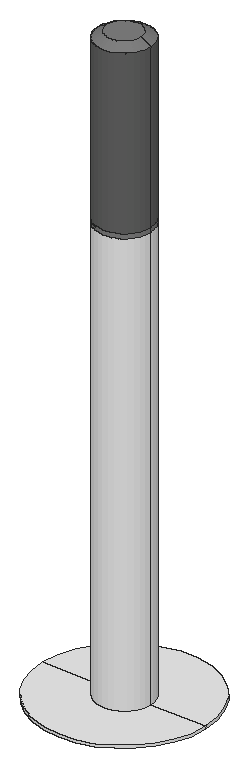
Revit family
Parameters (values of type "W95*D95*H1080")
  Manufacturer = ""
  Model = ""
  상단 부분 재료 = 회색, 짙음
  지지 재료 = 금속 - 크롬(2)
  중인방 재료 = 금속 - 크롬(2)
  프레임 재료 = 스테인레스 스틸, 광택(2) - (1)
Reference planes
  plane 1 "중심(앞/뒤)": y = 0
  plane 2: z = 0
  plane 3: x = -47.5
  plane 4: z = 1080
  plane 5: x = 0
  plane 6: z = 5
  plane 7: x = 47.5
  plane 8: y = 47.5
  plane 9: y = -47.5
Forms (mm)
  Extrusion 1, solid, material "금속 - 크롬(2)" <- "중인방 재료"
    sketch origin (0, 0, 0) x (1, 0, 0) y (0, 1, 0)
      loop
        circle (0, 0) r 47.5
    from 0 to 769.905
  Revolve 2, solid, material "금속 - 크롬(2)" <- "지지 재료"
    sketch origin (0, 0, 0) x (1, 0, 0) y (0, 0, 1)
      loop
        line (47.5, 5) -> (47.5, 0) -> (147.5, 0) -> (147.5, 5) -> (47.5, 5)
      axis (0, 5) -> (0, 0)
    angle from 0 to 360
  Extrusion 3, solid, material "스테인레스 스틸, 광택(2) - (1)" <- "프레임 재료"
    sketch origin (0, 0, 1539.71) x (0, -1, 0) y (1, 0, 0)
      loop
        circle (0, 0) r 47.5
    from -769.805 to -762.132
  Extrusion 4, solid, material "회색, 짙음" <- "상단 부분 재료"
    sketch origin (0, 0, 19.047) x (1, 0, 0) y (0, 1, 0)
      loop
        circle (0, 0) r 47.5
    from 758.531 to 1050.953
  Blend 5, solid, material "스테인레스 스틸, 광택(2) - (1)" <- "프레임 재료"
    base sketch origin (0, 0, 0) x (1, 0, 0) y (0, 1, 0)
      loop
        circle (0, 0) r 47.5
    top sketch origin (0, 0, 0) x (1, 0, 0) y (0, 1, 0)
      loop
        circle (0, 0) r 30
    from 1070 to 1080
Dimensions and locks
  locked: plane 4 to level at 1080
